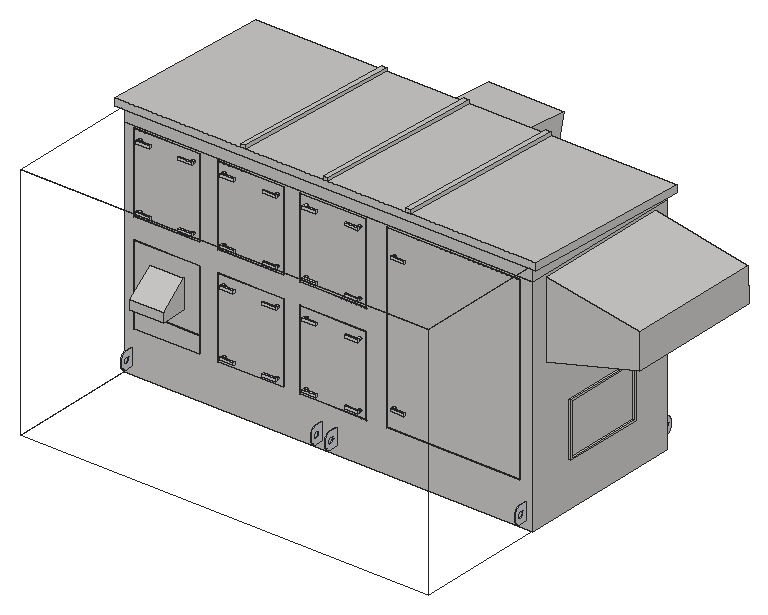
Revit family "DN-2RT-2FP-ECH", category Mechanical Equipment, Revit 2016
Family settings
  Part Type = Normal
  Round Connector Dimension = Use Diameter
  OmniClass Number = 23.75.00.00
  OmniClass Title = Climate Control (HVAC)
  Work Plane-Based = No
  Always vertical = Yes
  Cut with Voids When Loaded = No
  Shared = No
  Room Calculation Point = No
Parameters (values of type "2 @ 1.35 kW ea.")
  Voltage [instance] = "200-277 V"
  Unit Weight Range (lbs) [instance] = "2445-2825 lbs."
  Max. Shipping Weight (lbs) [instance] = "2645-3025 lbs."
  Unit Dimensions (L x W x H) [instance] = "154-1/8\" x 78-5/8\" x 75-1/8\""
  Shipping Dimensions (Lx W x H) [instance] = "140\" x 90\" x 81\""
  Unit [instance] = Renewaire - Galvanized Steel
  URL = "www.renewaire.com"
  Typical Airflow Range = "375-1,650 CFM"
  Standard Features [instance] = "EC Motors for both airstreams, Direct drive backward inclined plenum, Higher ESP of up to 2\" w.g. at 1,500 CFM, Integrated programmable controls, True 100% face and bypass enthalpy based modulating economizer, Class 1 low leakage motorized isolation dampers, Stainless steel double-sloped drain pan with cooling option, 1\" Double wall foam injected 20 gauge galvanized panel construction with R6.5 insulation"
  Service Area Visibility [instance] = yes
  Service Area Box [instance] = Renewaire - Interference
  Revit Object Download Link [instance] = ""
  Phase [instance] = "Single"
  Options [instance] = "DX, heat pump, or chilled water cooling coil, Modulating hot gas reheat, Steam or hot water coil, gas heat module or electric heater, Onboard variable frequency drives (VFDs) - both airstreams, Fused disconnect, Spring isolators (VFDs only), 2\" Double wall foam injected 20 gauge galvanized panel construction with R13 insulation, Exterior paint - grey, white, custom color, Salt spray - 2500 hours, BACNET factory activation, GFCI convenience outlet, Recirculation damper, Drain overflow switch, Mist Eliminator, Electrofin coating for coils"
  Number Motors [instance] = "Qty. 2, Direct drive motorized impeller packages"
  Model = "DN-2RT-2FP-ECH"
  Minimum Circuit Amps [instance] = "15.1 A"
  Maximum Overcurrent Protection [instance] = "20 A"
  Manufacturer = "Renewaire LLC"
  Inlets/Outlets [instance] = "OA & RA Inlets: 24\" x 16\", SA Outlet: 24\" x 16\", EA Outlet: 20\" x 16\""
  Frequency [instance] = "50/60 Hz"
  Filters [instance] = "Total qty. 4, MERV 8: 16\" x 20\" x 2\""
  FLA per Motor [instance] = "6.7-4.8"
  Energy Recovery Type [instance] = "Static plate total energy transfer"
  Description = "Energy Recovery Ventilator"
  Accessories [instance] = "Filters - MERV 13, 2\"  and 4\" (shipped loose), MERV 14, 2\" and 4\" (shipped loose), Additional filters available upon request, Roof curb - standard 14\", Hurricane or seismic rated curbs, Curb clip kit, Carbon dioxide sensor/control - wall mount (CO2-W), duct mount (CO2-D), IAQ sensor - wall mount (IAQ-W), duct mount (IAQ-D), Motion occupancy sensor/control - ceiling mount (MC-C), wall mount (MC-W), Smoke detector, Room temperature and humidity sensor, Duct static pressure sensor with display to 10\", without display 0-2\", Room pressure sensor with display to 1\", without display 0-1\", Waterless trap negative pressure, Waterless trap positive pressure, Remote display"
  AHRI 1060 Certified Core [instance] = "One L-62-G5 and one L-125-G5"
Types (7): name | Voltage | Phase | Minimum Circuit Amps | Maximum Overcurrent Protection | FLA per Motor
  (no name) | "200-277 V" | "Single" | "15.1 A" | "20 A" | "6.7-4.8"
  2 @ 1.35 kW ea. | "200-277 V" | "Single" | "15.1 A" | "20 A" | "6.7-4.8"
  2 @ 2.70 kW ea. | "200-240 V" | "Three" | "19.4 A" | "25 A" | "8.6-7.2"
  2 @ 3.70 kW ea. | "380-480 V" | "Three" | "13.5 A" | "15 A" | "6.0-4.6"
  2 @ 3HP ea. 208-230V | "208-230 V" | "Three" | "20.3 A" | "25 A" | "9-8.4/4.2"
  2 @ 3HP ea. 460V | "460V" | "Three" | "9.5 A" | "15 A" | "4.2"
  2 @ 3HP ea. 575V | "575V" | "Three" | "7.4 A" | "15 A" | "3.3"
Reference planes (in)
  plane 1 "Center (Front/Back)": y = 0
  plane 2: z = 0
  plane 3 "Center (Left/Right)": x = 0
  plane 4: y = -25
  plane 5: x = -61.89384
Forms (in)
  Extrusion 1, solid, material "Renewaire - Galvanized Steel" <- "Unit"
    sketch origin (0, 0.03854, 0) x (1, 0, 0) y (0, 1, 0)
      loop
        line (-61.89384, 24.96146) -> (-61.89384, -25.03854) -> (60, -25.03854) -> (60, 24.96146) -> (-61.89384, 24.96146)
    from 0 to 66.875
  Extrusion 2, void
    sketch origin (-1.5, 0, 2.5) x (1, 0, 0) y (0, 0, 1)
      loop
        line (-57.74982, 63.824) -> (-57.74982, 39.82399) -> (-37.74983, 39.82399) -> (-37.74983, 63.824) -> (-57.74982, 63.824)
      loop
        line (-32.61405, 63.824) -> (-32.61405, 39.82399) -> (-12.61406, 39.82399) -> (-12.61406, 63.824) -> (-32.61405, 63.824)
      loop
        line (-8.08447, 63.824) -> (-8.08447, 39.82399) -> (11.91553, 39.82399) -> (11.91553, 63.824) -> (-8.08447, 63.824)
      loop
        line (-57.74982, 33.824) -> (-57.74982, 9.824) -> (-37.74983, 9.824) -> (-37.74983, 33.824) -> (-57.74982, 33.824)
      loop
        line (-32.61405, 33.824) -> (-32.61405, 9.824) -> (-12.61406, 9.824) -> (-12.61406, 33.824) -> (-32.61405, 33.824)
      loop
        line (-8.08447, 33.824) -> (-8.08447, 9.824) -> (11.91553, 9.824) -> (11.91553, 33.824) -> (-8.08447, 33.824)
      loop
        line (17.8315, 63.824) -> (17.8315, 9.824) -> (57.8315, 9.824) -> (57.8315, 63.824) -> (17.8315, 63.824)
    from 24 to 26
  Extrusion 3, void
    sketch origin (0, 0, 0) x (1, 0, 0) y (0, 1, 0)
      loop
        line (-59.89384, 23) -> (-59.89384, -23) -> (58, -23) -> (58, 23) -> (-59.89384, 23)
    from 0 to 6.84749
  Extrusion 4, void
    sketch origin (0, 0, 0) x (1, 0, 0) y (0, 1, 0)
      loop
        line (-54.83941, 18.12494) -> (-54.83941, -5.87506) -> (-38.8394, -5.87506) -> (-38.8394, 18.12494) -> (-54.83941, 18.12494)
      loop
        line (37.26881, 11.99993) -> (37.26881, -12.00007) -> (53.26881, -12.00007) -> (53.26881, 11.99993) -> (37.26881, 11.99993)
    from 6 to 7.125
  Extrusion 5, solid, material "Renewaire - Galvanized Steel" <- "Unit"
    sketch origin (0, 0, 2) x (0, 1, 0) y (0, 0, 1)
      loop
        line (18.60019, 30.89209) -> (-5.39982, 30.89209) -> (-5.39982, 14.89209) -> (18.60019, 14.89209) -> (18.60019, 30.89209)
      loop
        line (18.35019, 30.64209) -> (-5.14982, 30.64209) -> (-5.14982, 15.14209) -> (18.35019, 15.14209) -> (18.35019, 30.64209)
    from -61.89384 to -62.89453
  Extrusion 6, solid, material "Renewaire - Galvanized Steel" <- "Unit"
    sketch origin (0, 0, 2) x (0, 1, 0) y (0, 0, 1)
      loop
        line (-12.00006, 27.784) -> (-12.00006, 11.78399) -> (11.99994, 11.78399) -> (11.99994, 27.784) -> (-12.00006, 27.784)
      loop
        line (-11.75006, 27.534) -> (-11.75006, 12.03399) -> (11.74994, 12.03399) -> (11.74994, 27.534) -> (-11.75006, 27.534)
    from 60 to 61
  Extrusion 7, solid, material "Renewaire - Galvanized Steel" <- "Unit"
    sketch origin (-1.5, 0, 2.5) x (1, 0, 0) y (0, 0, 1)
      loop
        line (-57.49982, 63.574) -> (-57.49982, 40.07399) -> (-37.99983, 40.07399) -> (-37.99983, 63.574) -> (-57.49982, 63.574)
      loop
        line (18.10032, 63.574) -> (18.10032, 10.324) -> (57.60032, 10.324) -> (57.60032, 63.574) -> (18.10032, 63.574)
      loop
        line (-32.34523, 63.574) -> (-32.34523, 40.07399) -> (-12.84523, 40.07399) -> (-12.84523, 63.574) -> (-32.34523, 63.574)
      loop
        line (-7.81564, 63.574) -> (-7.81564, 40.07399) -> (11.68435, 40.07399) -> (11.68435, 63.574) -> (-7.81564, 63.574)
      loop
        line (-7.81564, 33.574) -> (-7.81564, 10.074) -> (11.68435, 10.074) -> (11.68435, 33.574) -> (-7.81564, 33.574)
      loop
        line (-32.34523, 10.074) -> (-12.84523, 10.074) -> (-12.84523, 33.574) -> (-32.34523, 33.574) -> (-32.34523, 10.074)
      loop
        line (-57.49982, 33.574) -> (-57.49982, 15.324) -> (-37.99983, 15.324) -> (-37.99983, 33.574) -> (-57.49982, 33.574)
      loop
        line (-57.49982, 10.074) -> (-37.99983, 10.074) -> (-37.99983, 15.074) -> (-57.49982, 15.074) -> (-57.49982, 10.074)
    from 24 to 25
  Extrusion 8, solid, material "Renewaire - Interference" <- "Service Area Box", visible <- "Service Area Visibility"
    sketch origin (0, 0, 0) x (1, 0, 0) y (0, 1, 0)
      loop
        line (-61.89384, -25) -> (-61.89384, -64) -> (60, -64) -> (60, -25) -> (-61.89384, -25)
    from 71 to 0
  Extrusion 9, solid, material "Renewaire - Galvanized Steel" <- "Unit"
    sketch origin (0, 1, 1) x (0, 1, 0) y (0, 0, 1)
      loop
        line (24, 65.37584) -> (24, 47.19321) -> (33.39638, 47.19321) -> (43.03161, 56.49784) -> (44.92004, 63.54557) -> (24, 65.37584)
    from 12.5814 to -9.96261
  Extrusion 10, solid, material "Renewaire - Galvanized Steel" <- "Unit"
    sketch origin (0, 0, 0) x (1, 0, 0) y (0, 0, 1)
      loop
        line (60, 66.14512) -> (60, 43.33282) -> (88.06702, 50.94615) -> (88.06702, 61.19615) -> (60, 66.14512)
    from 20.33014 to -20.26562
  Extrusion 11, solid, material "Renewaire - Galvanized Steel" <- "Unit"
    sketch origin (0, -1, 0) x (0, 1, 0) y (0, 0, 1)
      loop
        line (-24, 31.20717) -> (-31.6831, 25.20447) -> (-31.6831, 22.70447) -> (-24, 22.70447) -> (-24, 31.20717)
    from -44.16153 to -54.12577
  Extrusion 12, solid, material "Renewaire - Galvanized Steel" <- "Unit"
    sketch origin (-1.89383, 0, -2.1393) x (1, 0, 0) y (0, 0, 1)
      loop
        line (-60, 29.90852) -> (-63.62222, 28.93794) -> (-62.38755, 24.3301) -> (-60, 24.3301) -> (-60, 29.90852)
    from 12.49361 to 7.68661
  Extrusion 13, void
    sketch origin (-0.89383, 0, 0.5) x (1, 0, 0) y (0, 0, 1)
      loop
        line (-13.22023, 11.824) -> (-13.22023, 35.824) -> (-33.22023, 35.824) -> (-33.22023, 11.824) -> (-13.22023, 11.824)
      loop
        line (-13.22023, 65.824) -> (-33.22023, 65.824) -> (-33.22023, 41.82399) -> (-13.22023, 41.82399) -> (-13.22023, 65.824)
    from -24 to -26
  Extrusion 14, solid, material "Renewaire - Galvanized Steel" <- "Unit"
    sketch origin (-0.875, 0, 0.5) x (1, 0, 0) y (0, 0, 1)
      loop
        line (-13.47023, 35.574) -> (-32.97023, 35.574) -> (-32.97023, 30.574) -> (-13.47023, 30.574) -> (-13.47023, 35.574)
      loop
        line (-13.47023, 30.324) -> (-32.97023, 30.324) -> (-32.97023, 17.324) -> (-13.47023, 17.324) -> (-13.47023, 30.324)
      loop
        line (-13.47023, 17.074) -> (-32.97023, 17.074) -> (-32.97023, 12.074) -> (-13.47023, 12.074) -> (-13.47023, 17.074)
      loop
        line (-13.47023, 65.574) -> (-32.97023, 65.574) -> (-32.97023, 42.07399) -> (-13.47023, 42.07399) -> (-13.47023, 65.574)
    from -24 to -25
  Extrusion 15, solid, material "Renewaire - Galvanized Steel" <- "Unit"
    sketch origin (0, 0, 0) x (0, 1, 0) y (0, 0, 1)
      loop
        line (25, 68.97768) -> (-25, 71.21628) -> (-25, 66.875) -> (25, 66.875) -> (25, 68.97768)
    from 60 to -61.89384
  Extrusion 16, solid, material "Renewaire - Galvanized Steel" <- "Unit"
    sketch origin (0, 0, 0) x (0, 1, 0) y (0, 0, 1)
      loop
        line (26.25341, 70.90076) -> (-26.19982, 73.11627) -> (-26.28422, 71.11805) -> (26.16901, 68.90254) -> (26.25341, 70.90076)
    from 61.85788 to -63.80452
  Extrusion 17, solid, material "Renewaire - Galvanized Steel" <- "Unit"
    sketch origin (0, 0, 0) x (0, 1, 0) y (0, 0, 1)
      loop
        line (26.25341, 70.90076) -> (26.29557, 71.89898) -> (-26.15766, 74.11449) -> (-26.19982, 73.11627) -> (26.25341, 70.90076)
    from -0.26541 to -1.64943
  Extrusion 18, solid, material "Renewaire - Galvanized Steel" <- "Unit"
    sketch origin (0, 0, 0) x (0, 1, 0) y (0, 0, 1)
      loop
        line (26.25341, 70.90076) -> (26.29557, 71.89898) -> (-26.15766, 74.11449) -> (-26.19982, 73.11627) -> (26.25341, 70.90076)
    from -24.74884 to -26.19206
  Extrusion 19, solid, material "Renewaire - Galvanized Steel" <- "Unit"
    sketch origin (0, 0, 0) x (0, 1, 0) y (0, 0, 1)
      loop
        line (26.25341, 70.90076) -> (26.29557, 71.89898) -> (-26.15766, 74.11449) -> (-26.19982, 73.11627) -> (26.25341, 70.90076)
    from 22.86707 to 24.31637
Cuts and joins
  Extrusion 2, Extrusion 3, Extrusion 4, Extrusion 13 cuts Extrusion 1
Dimensions and locks (in)
  aligned and locked: level to plane 2
  aligned and locked: Extrusion 7 sketch curve to Extrusion 7 sketch curve
  aligned and locked: Extrusion 8 to Extrusion 15
Nested families (in)
  nested 1: "Handle" at (-41.31393, -25, 63.5), type "Handle"
    with Right Handle no, Left Handle yes, Flip yes
  nested 2: "Lifting Lug" at (-59.68998, -25, 2.03309) x (0, -1, 0) z (0, 0, 1), Material <- "Unit", type "Lifting Lug"
    with Material Renewaire - Galvanized Steel
  nested 3: "Lifting Lug" at (1.27288, -25, 2.03309) x (0, -1, 0) z (0, 0, 1), Material <- "Unit", type "Lifting Lug"
    with Material Renewaire - Galvanized Steel
  nested 4: "Lifting Lug" at (57.96896, -25, 2.03309) x (0, -1, 0) z (0, 0, 1), Material <- "Unit", type "Lifting Lug"
    with Material Renewaire - Galvanized Steel
  nested 5: "Handle" at (-41.31393, -25, 44.36337), type "Handle"
    with Right Handle no, Left Handle yes, Flip yes
  nested 6: "Handle" at (-57.18572, -25, 63.5) x (-1, 0, 0) z (0, 0, 1), type "Handle"
    with Right Handle no, Left Handle yes, Flip yes
  nested 7: "Handle" at (-57.18572, -25, 44.36337) x (-1, 0, 0) z (0, 0, 1), type "Handle"
    with Right Handle no, Left Handle yes, Flip yes
  nested 8: "Handle" at (-16.28433, 25, 27.75), type "Handle"
    with Right Handle no, Left Handle yes, Flip yes
  nested 9: "Handle" at (-16.28433, 25, 20.11338), type "Handle"
    with Right Handle no, Left Handle yes, Flip yes
  nested 10: "Handle" at (-32.15613, 25, 27.75) x (-1, 0, 0) z (0, 0, 1), type "Handle"
    with Right Handle no, Left Handle yes, Flip yes
  nested 11: "Handle" at (-32.15613, 25, 20.11338) x (-1, 0, 0) z (0, 0, 1), type "Handle"
    with Right Handle no, Left Handle yes, Flip yes
  nested 12: "Handle" at (-16.28433, -25, 33.5), type "Handle"
    with Right Handle no, Left Handle yes, Flip yes
  nested 13: "Handle" at (-16.28433, -25, 14.36338), type "Handle"
    with Right Handle no, Left Handle yes, Flip yes
  nested 14: "Handle" at (-32.15613, -25, 33.5) x (-1, 0, 0) z (0, 0, 1), type "Handle"
    with Right Handle no, Left Handle yes, Flip yes
  nested 15: "Handle" at (-32.15613, -25, 14.36338) x (-1, 0, 0) z (0, 0, 1), type "Handle"
    with Right Handle no, Left Handle yes, Flip yes
  nested 16: "Handle" at (-16.28433, 25, 63.5), type "Handle"
    with Right Handle no, Left Handle yes, Flip yes
  nested 17: "Handle" at (-16.28433, 25, 44.36337), type "Handle"
    with Right Handle no, Left Handle yes, Flip yes
  nested 18: "Handle" at (-32.15613, 25, 63.5) x (-1, 0, 0) z (0, 0, 1), type "Handle"
    with Right Handle no, Left Handle yes, Flip yes
  nested 19: "Handle" at (-32.15613, 25, 44.36337) x (-1, 0, 0) z (0, 0, 1), type "Handle"
    with Right Handle no, Left Handle yes, Flip yes
  nested 20: "Handle" at (-16.28433, 25, 33.5), type "Handle"
    with Right Handle no, Left Handle yes, Flip yes
  nested 21: "Handle" at (-16.28433, 25, 14.36338), type "Handle"
    with Right Handle no, Left Handle yes, Flip yes
  nested 22: "Handle" at (-32.15613, 25, 33.5) x (-1, 0, 0) z (0, 0, 1), type "Handle"
    with Right Handle no, Left Handle yes, Flip yes
  nested 23: "Handle" at (-32.15613, 25, 14.36338) x (-1, 0, 0) z (0, 0, 1), type "Handle"
    with Right Handle no, Left Handle yes, Flip yes
  nested 24: "Lifting Lug" at (-59.68998, 25, 2.01659) x (0, 1, 0) z (0, 0, 1), Material <- "Unit", type "Lifting Lug"
    with Material Renewaire - Galvanized Steel
  nested 25: "Lifting Lug" at (1.27288, 25, 2.01659) x (0, 1, 0) z (0, 0, 1), Material <- "Unit", type "Lifting Lug"
    with Material Renewaire - Galvanized Steel
  nested 26: "Lifting Lug" at (57.96896, 25, 2.01659) x (0, 1, 0) z (0, 0, 1), Material <- "Unit", type "Lifting Lug"
    with Material Renewaire - Galvanized Steel
  nested 27: "Lifting Lug" at (-3, -25, 2.03309) x (0, -1, 0) z (0, 0, 1), Material <- "Unit", type "Lifting Lug"
    with Material Renewaire - Galvanized Steel
  nested 28: "Lifting Lug" at (-3, 25, 2.01659) x (0, 1, 0) z (0, 0, 1), Material <- "Unit", type "Lifting Lug"
    with Material Renewaire - Galvanized Steel
  nested 29: "Handle" at (-16.17816, -25, 63.5), type "Handle"
    with Right Handle no, Left Handle yes, Flip yes
  nested 30: "Handle" at (-16.17816, -25, 44.36337), type "Handle"
    with Right Handle no, Left Handle yes, Flip yes
  nested 31: "Handle" at (-32.04995, -25, 63.5) x (-1, 0, 0) z (0, 0, 1), type "Handle"
    with Right Handle no, Left Handle yes, Flip yes
  nested 32: "Handle" at (-32.04995, -25, 44.36337) x (-1, 0, 0) z (0, 0, 1), type "Handle"
    with Right Handle no, Left Handle yes, Flip yes
  nested 33: "Handle" at (8.35143, -25, 63.5), type "Handle"
    with Right Handle no, Left Handle yes, Flip yes
  nested 34: "Handle" at (8.35143, -25, 44.36337), type "Handle"
    with Right Handle no, Left Handle yes, Flip yes
  nested 35: "Handle" at (-7.52037, -25, 63.5) x (-1, 0, 0) z (0, 0, 1), type "Handle"
    with Right Handle no, Left Handle yes, Flip yes
  nested 36: "Handle" at (-7.52037, -25, 44.36337) x (-1, 0, 0) z (0, 0, 1), type "Handle"
    with Right Handle no, Left Handle yes, Flip yes
  nested 37: "Handle" at (8.35143, -25, 33.5), type "Handle"
    with Right Handle no, Left Handle yes, Flip yes
  nested 38: "Handle" at (8.35143, -25, 14.36338), type "Handle"
    with Right Handle no, Left Handle yes, Flip yes
  nested 39: "Handle" at (-7.52037, -25, 33.5) x (-1, 0, 0) z (0, 0, 1), type "Handle"
    with Right Handle no, Left Handle yes, Flip yes
  nested 40: "Handle" at (-7.52037, -25, 14.36338) x (-1, 0, 0) z (0, 0, 1), type "Handle"
    with Right Handle no, Left Handle yes, Flip yes
  nested 41: "Handle" at (18.76858, -25, 59.2618) x (-1, 0, 0) z (0, 0, 1), type "Handle"
    with Right Handle no, Left Handle yes, Flip yes
  nested 42: "Handle" at (18.76858, -25, 18.5118) x (-1, 0, 0) z (0, 0, 1), type "Handle"
    with Right Handle no, Left Handle yes, Flip yes
Connectors (in)
  hvac at (61, -0.00006, 21.784)
    settings: on Extrusion 6, index 2, duct flow 0 CFM, flow factor 0, pres drop 0.00 in-wg, loss coef 0, conn angle 0.00°, conn width 24", conn height 16", conn diameter 24", duct sys type 2, conn prof type 1, flow config 0, flow direction 1, loss method 0, conn ref index -1, conn util no, is conn primary yes, conn desc "Return Air (RA)"
  hvac at (-62.89453, 6.60018, 24.89209)
    settings: on Extrusion 5, index 6, duct flow 0 CFM, flow factor 0, pres drop 0.00 in-wg, loss coef 0, conn angle 0.00°, conn width 24", conn height 16", conn diameter 24", duct sys type 1, conn prof type 1, flow config 0, flow direction 2, loss method 0, conn ref index -1, conn util no, is conn primary no, conn desc "Supply Air (SA)"
  hvac at (-46.83941, 6.12494, 7.125)
    settings: on cut or joined group of Extrusion 1, Extrusion 2, Extrusion 3, Extrusion 4, Extrusion 13, index 7, duct flow 0 CFM, flow factor 0, pres drop 0.00 in-wg, loss coef 0, conn angle 0.00°, conn width 24", conn height 16", conn diameter 24", duct sys type 1, conn prof type 1, flow config 0, flow direction 2, loss method 0, conn ref index -1, conn util no, is conn primary no, conn desc "Supply Air (SA)"
  hvac at (45.26881, -0.00007, 7.125)
    settings: on cut or joined group of Extrusion 1, Extrusion 2, Extrusion 3, Extrusion 4, Extrusion 13, index 8, duct flow 0 CFM, flow factor 0, pres drop 0.00 in-wg, loss coef 0, conn angle 0.00°, conn width 24", conn height 16", conn diameter 24", duct sys type 2, conn prof type 1, flow config 0, flow direction 1, loss method 0, conn ref index -1, conn util no, is conn primary no, conn desc "Return Air (RA)"
Definition of nested family "Handle"
  Parameters (values of type "Handle")
    Right Handle [instance] = not(Flip)  # no
    Material = none
    Left Handle [instance] = Flip  # yes
    Flip [instance] = yes
  Reference planes (in)
    plane 1 "Center (Front/Back)": y = 0
    plane 2: z = 0
    plane 3 "Center (Left/Right)": x = 0
  Forms (in)
    Extrusion 1, solid, material <- "Material"
      sketch origin (0, 0, 0) x (1, 0, 0) y (0, 0, 1)
        loop
          circle (0, 0) r 0.375
      from 0 to 0.75
    Extrusion 2, solid, material <- "Material", visible <- "Right Handle"
      sketch origin (0, 0, 0) x (1, 0, 0) y (0, 1, 0)
        loop
          line (-0.375, -0.75) -> (-0.375, -1.25) -> (3.625, -1.25) -> (3.625, -0.75) -> (-0.375, -0.75)
      from -0.375 to 0.375
    Extrusion 3, solid, material <- "Material", visible <- "Left Handle"
      sketch origin (-3.25, 0, 0) x (1, 0, 0) y (0, 1, 0)
        loop
          line (-0.375, -0.75) -> (-0.375, -1.25) -> (3.625, -1.25) -> (3.625, -0.75) -> (-0.375, -0.75)
      from -0.375 to 0.375
  Dimensions and locks (in)
    aligned and locked: plane 2 to level
Definition of nested family "Lifting Lug"
  Parameters (values of type "Lifting Lug")
    Material [instance] = none
  Reference planes (in)
    plane 1 "Center (Front/Back)": y = 0
    plane 2: z = 0
    plane 3 "Center (Left/Right)": x = 0
  Forms (in)
    Extrusion 1, solid
      sketch origin (0, 0, 0) x (1, 0, 0) y (0, 0, 1)
        loop
          line (0, 0.1875) -> (2, 0.1875)
          arc (2, 0.1875) -> (3.41421, 0.77329) -> (4, 2.1875) r 2
          line (4, 2.1875) -> (4, 3.1875)
          arc (4, 3.1875) -> (3.41421, 4.60171) -> (2, 5.1875) r 2
          line (2, 5.1875) -> (0, 5.1875) -> (0, 0.1875)
        loop
          circle (2.125, 2.6875) r 1
      from 0 to 0.25
  Dimensions and locks (in)
    aligned and locked: plane 2 to level
